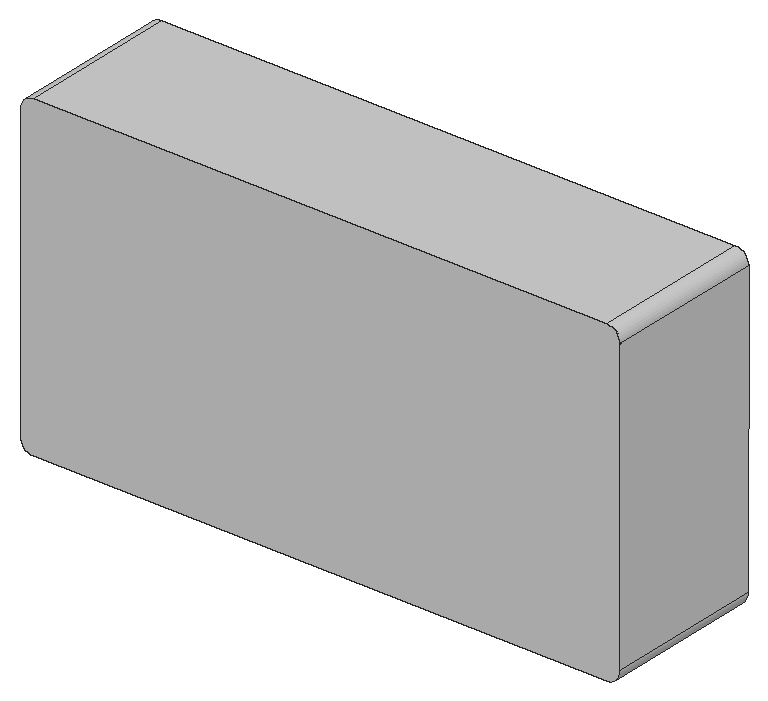
Revit family "Building-IEC309Boards-GEWISS-68QDIN-DISTRIBUTION-BOARD-20MOD_MODULE_ADDITIONAL", category Attrezzatura elettrica, host Muro, Revit 2016
Family settings
  Host = Muro
  Configurazione quadro = Due colonne, circuiti in orizzontale
  Tipo di parte = Pannello comandi
  Quota connettore circolare = Usa diametro
  Numero OmniClass = 23.80.30.11.17
  Titolo OmniClass = Distribution Boards and Control Panels
  Sempre verticale = Sì
  Taglio con vuoti quando caricato = No
  Condiviso = No
  Punto di calcolo locali = No
Parameters (values of type "GW68024N - SUPPLEMENTARY MODULE 20M IP65")
  potenza = 400 V
  Voltaggio = "400V"
  Vista di pianta [instance] = yes
  Vetro = GEWISS - vetro
  Version type = "Empty"
  Version file RFA = "18.0"
  URL = "https://www.gewiss.com/ww/en"
  Thermo-pressure with ball = "70 °C"
  Technical sheet = "https://www.gewiss.com/ww/en/search?q=GW68024N"
  Struttura = GEWISS - Grigio RAL - 7035
  Simbolo Acceso [instance] = yes
  Shock resistance = "IK08"
  SEO = "Module"
  Realized by GEWISS S.p.A. = ""
  Produttore = "GEWISS S.p.A."
  Presa = GEWISS - Grigio RAL - 7035
  Operating temperature: = "-25 +40 °C"
  Offset etichetta nome quadro [instance] = 125 mm
  Numero di poli = 3
  Panel Name [instance] = "NOME"
  No. of modules EN 50022 = "20"
  Modello = "GW68024N"
  Lunghezza = 450 mm
  Insulation class = "II"
  Installation type = "Surface-mounting"
  Immagine tipo = GW68024N.jpg
  IP degree = "IP65"
  IFC.TypeObject = ""
  IFC.ExportType = ""
  IFC.ExportAs = ""
  IDT = "e9f72a9a-78e1-4838-acdb-21e1d1c6d628"
  IDF = "ee5d450d-2a86-4efa-9b8a-517456b82538"
  H_da terra = 1200 mm
  Electrocod = "2242"
  ETICHETTA NOME QUADRO [instance] = yes
  EAN code = "8011564746329"
  Distanza orizzontale del simbolo [instance] = 0 mm
  Distanza dal muro [instance] = 0 mm
  Dispersible power B (W) = "92"
  Dispersible power A (W) = "30"
  Dispersible power (W) = "52"
  Descrizione = "SUPPLEMENTARY MODULE 20M IP65"
  Colour = "Grey RAL 7035"
  Classificazione carico = Altro
  Catalogue Range = "68 QDIN"
  Catalogue = "BUILDING"
  Carico apparente = 0 VA
  Cornice simbolo [instance] = no
  COBie.Tagnumber = ""
  COBie.CreatedOn = ""
  COBie.CreatebBy = ""
  COBie.ComponentRegisterItemID = ""
  COBie.Component.TagNumber = ""
  COBie.Component.Space = ""
  COBie.Component.SerialNumber = ""
  COBie.Component.InstallationDate = ""
  COBie.Component.Description = ""
  COBie.Component.BarCode = ""
  Altezza = 240 mm
Reference planes
  plane 1 "Muro": y = 0
  plane 2 "Centro (Sinistra/Destra)": x = 125
  plane 3 "Indietro": y = 75
  plane 4: z = 1200
  plane 5: x = 125
  plane 6: y = 200
Lines and regions (mm)
  Masking region 1, visible <- "Vista di pianta"
    outline origin (0, 0, 0) x (1, 0, 0) y (0, 1, 0)
      loop
        line (-100, 175) -> (-100, 75) -> (350, 75) -> (350, 175) -> (-100, 175)
  Masking region 2
    outline origin (125, 0, 0) x (0, 1, 0) y (0, 0, 1)
      loop
        line (195, 1033) -> (195, 1200) -> (75, 1200) -> (75, 1033) -> (195, 1033)
  Masking region 3
    outline origin (125, 0, 0) x (0, 1, 0) y (0, 0, 1)
      loop
        line (75, 1033) -> (75, 640) -> (155.196, 640) -> (155.196, 1033) -> (75, 1033)
Text (mm)
  text "Lato posizionamento" at (-1848.837, 1116.779, 0), in view "Livello rif."
  text "Lato posizionamento" at (0, 1409.804, 2854.306), in view "Sinistra"
  text "Lato posizionamento" at (0, 499.811, 2980.732), in view "Destra"
Dimensions and locks
  locked: plane 3 "Indietro" to host wall
  "H_da terra": level to plane 4
  "Offset etichetta nome quadro": host wall to plane 6
  "Distanza orizzontale del simbolo": plane 5 to plane 2 "Centro (Sinistra/Destra)"
  aligned and locked: plane 1 "Muro" to host wall
  aligned and locked: plane 4 to nested 1  (x3)
  aligned and locked: nested 1 to plane 3 "Indietro"
  aligned and locked: nested 2 to plane 6
  aligned and locked: plane 5 to nested 3
  aligned and locked: Masking region 1 to nested 1  (x2)
  aligned and locked: Masking region 2 sketch curve to nested 1  (x3)
  aligned and locked: nested 1 to Masking region 2 sketch curve
  aligned and locked: Masking region 3 sketch curve to nested 1
  aligned and locked: nested 1 to Masking region 3 sketch curve
  aligned and locked: plane 2 "Centro (Sinistra/Destra)" to nested 4
  aligned and locked: nested 1 to plane 2 "Centro (Sinistra/Destra)"
  aligned and locked: nested 4 to plane 4
Automatic sketch dimensions
  Masking region 1 sketch curve to host wall = 0 mm
  Masking region 1 sketch curve to plane 2 "Centro (Sinistra/Destra)" = 225 mm
  plane 2 "Centro (Sinistra/Destra)" to Masking region 1 sketch curve = 225 mm
  host wall to Masking region 1 sketch curve = 100 mm
  Masking region 3 sketch curve to host wall = 0 mm
  Masking region 3 sketch curve to Masking region 3 sketch curve = 393 mm
Nested families
  nested 1: "QDIN10 QUADRO VUOTO" at (125, 75, 373.117) x (-1, 0, 0) z (0, 0, 1), type "QDIN10 QUADRO VUOTO"
  nested 2: "NOME QUADRO" at (125, 200, 0), TXT <- "Panel Name", visible <- "ETICHETTA NOME QUADRO", type "NOME QUADRO"
    with TXT "NOME"
  nested 3: "CENTRALINO" at (125, 116.894, 0), BORDO ACCESO <- "Cornice simbolo", SIMBOLO ACCESO <- "Simbolo Acceso", Distanza dal muro <- "Distanza dal muro", type "CENTRALINO"
    with SIMBOLO ACCESO yes, Distanza dal muro 0 mm, BORDO ACCESO no
  nested 4: "2D - QDIN20 QUADRO DISTRIB VUOTO" at (125, 0, 960.133) x (1, 0, 0) z (0, -1, 0), type "BIDIMENSIONALE"
Definition of nested family "QDIN10 QUADRO VUOTO"
  Parameters (values of type "QDIN10 QUADRO VUOTO")
    Vetro = none
    Struttura = none
    Spessore = 120 mm
    Default Elevation = 14 mm
    Presa = none
    Lunghezza = 450 mm
    IFC.TypeObject = ""
    IFC.ExportType = ""
    IFC.ExportAs = ""
    H_da terra = 586.883 mm
    COBie.CreatedOn = ""
    COBie.CreatebBy = ""
    COBie.ComponentRegisterItemID = ""
    COBie.Component.TagNumber = ""
    COBie.Component.Space = ""
    COBie.Component.SerialNumber = ""
    COBie.Component.InstallationDate = ""
    COBie.Component.Description = ""
    COBie.Component.BarCode = ""
    Altezza = 240 mm
  Reference planes
    plane 1 "Centro (Fronte/Retro)": y = 0
    plane 2: z = 0
    plane 3 "Centro (Sinistra/Destra)": x = 0
    plane 4 "s": y = -100
    plane 5: z = 586.883
    plane 6: z = 826.883
    plane 7: x = -225
    plane 8: x = 225
    plane 9: z = 659.883
    plane 10: y = -80.196
    plane 11: x = -222.597
    plane 12: x = 222.589
    plane 13: z = 669.383
    plane 14: z = 788.347
    plane 15: y = -46.089
    plane 16: y = -87.126
  Forms (mm)
    Extrusion 1, solid, material <- "Struttura"
      sketch origin (0, 0, 0) x (1, 0, 0) y (0, 0, 1)
        loop
          arc (-215, 826.883) -> (-222.071, 823.954) -> (-225, 816.883) r 10
          line (-225, 816.883) -> (-225, 597.251)
          arc (-225, 597.251) -> (-222.071, 590.18) -> (-215, 587.251) r 10
          line (-215, 587.251) -> (215, 587.251)
          arc (215, 587.251) -> (222.071, 590.18) -> (225, 597.251) r 10
          line (225, 597.251) -> (225, 816.883)
          arc (225, 816.883) -> (222.071, 823.954) -> (215, 826.883) r 10
          line (215, 826.883) -> (-215, 826.883)
      from 0 to 120
    Extrusion 2, void
      sketch origin (0, 0, 0) x (1, 0, 0) y (0, 0, 1)
        loop
          line (-222.597, 788.347) -> (-222.597, 669.383) -> (222.589, 669.383) -> (222.589, 788.347) -> (-222.597, 788.347)
      from 46.089 to 120
    Extrusion 3, solid, material <- "Vetro", detail levels fine
      sketch origin (0, 0, 0) x (1, 0, 0) y (0, 0, 1)
        loop
          line (-222.597, 788.347) -> (-222.597, 669.383) -> (222.589, 669.383) -> (222.589, 788.347) -> (-222.597, 788.347)
      from 87.126 to 120.5
  Cuts and joins
    Extrusion 2 cuts Extrusion 1
  Dimensions and locks
    plane 4 "s" to plane 1 "Centro (Fronte/Retro)" = 100 mm  (x2)
    "H_da terra": plane 5 to level
    equal spacing: plane 7, plane 3 "Centro (Sinistra/Destra)", plane 8
    "Lunghezza": plane 7 to plane 8
    locked: plane 4 "s" to plane 10 at 19.804
    locked: plane 6 to plane 14 at 38.537
    locked: plane 13 to plane 9 at 9.5
    locked: plane 7 to plane 11 at 2.403
    locked: plane 12 to plane 8 at 2.411
    locked: plane 4 "s" to plane 15 at 53.911
    locked: plane 4 "s" to plane 16 at 12.874
    "Altezza": plane 6 to plane 5
    locked: plane 14 to plane 13 at 118.963
    aligned and locked: level to plane 2
    aligned and locked: Extrusion 1 sketch curve to plane 6
    aligned and locked: Extrusion 1 sketch curve to plane 8
    aligned and locked: Extrusion 1 sketch curve to plane 7
    aligned and locked: Extrusion 2 sketch curve to plane 14
    aligned and locked: Extrusion 2 sketch curve to plane 12
    aligned and locked: Extrusion 2 sketch curve to plane 11
    aligned and locked: Extrusion 2 sketch curve to plane 13
    aligned and locked: plane 15 to cut or joined group of Extrusion 1, Extrusion 2
    aligned and locked: Extrusion 3 sketch curve to plane 14
    aligned and locked: Extrusion 3 sketch curve to plane 12
    aligned and locked: Extrusion 3 sketch curve to plane 13
    aligned and locked: Extrusion 3 sketch curve to plane 11
    aligned and locked: Extrusion 3 to plane 16
  Automatic sketch dimensions
    Extrusion 1 sketch curve to Extrusion 1 sketch curve = 10 mm  (x2)
    Extrusion 1 sketch curve to plane 7 = 10 mm
    plane 8 to Extrusion 1 sketch curve = 10 mm
    plane 13 to Extrusion 1 sketch curve = 72.132 mm
Definition of nested family "NOME QUADRO"
  Parameters (values of type "NOME QUADRO")
    TXT [instance] = ""
  Reference planes
    plane 1: y = 0
    plane 2: x = 0
  Text (mm)
    label "NOME QUADRO" at (0.217, 0.029, 0), shows "TXT"
Definition of nested family "CENTRALINO"
  Parameters (values of type "CENTRALINO")
    SIMBOLO ACCESO [instance] = yes
    Distanza dal muro [instance] = 0 mm
    BORDO ACCESO [instance] = yes
  Reference planes
    plane 1: y = 0
    plane 2: x = 0
  Dimensions and locks
    "Distanza dal muro": plane 1 to nested 1
    aligned and locked: plane 2 to nested 1
  Nested families
    nested 1: "CENTRALINO_BASE" at (0, 0, 0), BORDO ACCESO <- "BORDO ACCESO", visible <- "SIMBOLO ACCESO", type "CENTRALINO"
      with BORDO ACCESO yes
  Definition of nested family "CENTRALINO_BASE"
    Parameters (values of type "CENTRALINO")
      Distanza dal muro = 0 mm
      BORDO ACCESO [instance] = yes
    Reference planes
      plane 1: y = 0
      plane 2: x = 0
    Lines and regions (mm)
      detail lines, visible <- "BORDO ACCESO", not visible
        curve 1: line (-2.443, 10.208, 0) -> (2.057, 10.208, 0)
        curve 2: line (2.057, 10.208, 0) -> (2.057, 4.208, 0)
        curve 3: line (2.057, 4.208, 0) -> (-2.443, 4.208, 0)
        curve 4: line (-2.443, 4.208, 0) -> (-2.443, 10.208, 0)
        curve 5: line (-2.043, 9.808, 0) -> (1.657, 9.808, 0)
        curve 6: line (1.657, 9.808, 0) -> (1.657, 4.608, 0)
        curve 7: line (1.657, 4.608, 0) -> (-2.043, 4.608, 0)
        curve 8: line (-2.043, 4.608, 0) -> (-2.043, 9.808, 0)
      detail lines
        curve 9: line (0, 0.905, 0) -> (0, 0.235, 0)
        curve 10: line (0.659, 0.905, 0) -> (0.659, 1.564, 0)
        curve 11: line (0.659, 1.564, 0) -> (-0.659, 1.564, 0)
        curve 12: line (-0.659, 1.564, 0) -> (-0.659, 0.905, 0)
        curve 13: line (-0.659, 0.905, 0) -> (0.659, 0.905, 0)
        curve 14: line (0.497, 1.564, 0) -> (0.497, 2.235, 0)
        curve 15: line (0.167, 1.564, 0) -> (0.167, 2.235, 0)
        curve 16: line (-0.162, 1.564, 0) -> (-0.162, 2.235, 0)
        curve 17: line (-0.491, 1.564, 0) -> (-0.491, 2.235, 0)
Definition of nested family "2D - QDIN20 QUADRO DISTRIB VUOTO"
  Reference planes
    plane 1 "Centro (Fronte/Retro)": y = 0
    plane 2: z = 0
    plane 3 "Centro (Sinistra/Destra)": x = 0
  Lines and regions (mm)
    model lines, in view "Livello rif."
      curve 1: line (197.291, 31.69, 0) -> (197.291, 174.065, 0)
      curve 2: line (197.291, 174.065, 0) -> (-197.291, 174.065, 0)
      curve 3: line (-197.291, 174.065, 0) -> (-197.291, 31.69, 0)
      curve 4: line (-197.291, 31.69, 0) -> (197.291, 31.69, 0)
      curve 5: line (-225, 224.867, 0) -> (-225, 14.991, 0)
      curve 6: line (-225, 14.991, 0) -> (-224.451, 10.972, 0)
      curve 7: line (-224.451, 10.972, 0) -> (-223.144, 7.765, 0)
      curve 8: line (-223.144, 7.765, 0) -> (-220.607, 4.385, 0)
      curve 9: line (-220.607, 4.385, 0) -> (-217.763, 2.156, 0)
      curve 10: line (-217.763, 2.156, 0) -> (-214.387, 0.647, 0)
      curve 11: line (-214.387, 0.647, 0) -> (-210, -0.009, 0)
      curve 12: line (-210, -0.009, 0) -> (210, -0.009, 0)
      curve 13: line (210, -0.009, 0) -> (214.387, 0.647, 0)
      curve 14: line (214.387, 0.647, 0) -> (217.763, 2.156, 0)
      curve 15: line (217.763, 2.156, 0) -> (220.607, 4.385, 0)
      curve 16: line (220.607, 4.385, 0) -> (223.144, 7.765, 0)
      curve 17: line (223.144, 7.765, 0) -> (224.451, 10.972, 0)
      curve 18: line (224.451, 10.972, 0) -> (225, 14.991, 0)
      curve 19: line (225, 14.991, 0) -> (225, 224.867, 0)
      curve 20: line (225, 224.867, 0) -> (224.451, 228.887, 0)
      curve 21: line (224.451, 228.887, 0) -> (223.144, 232.094, 0)
      curve 22: line (223.144, 232.094, 0) -> (220.607, 235.474, 0)
      curve 23: line (220.607, 235.474, 0) -> (217.763, 237.702, 0)
      curve 24: line (217.763, 237.702, 0) -> (214.387, 239.211, 0)
      curve 25: line (214.387, 239.211, 0) -> (210, 239.867, 0)
      curve 26: line (210, 239.867, 0) -> (-210, 239.867, 0)
      curve 27: line (-210, 239.867, 0) -> (-214.387, 239.211, 0)
      curve 28: line (-214.387, 239.211, 0) -> (-217.763, 237.702, 0)
      curve 29: line (-217.763, 237.702, 0) -> (-220.607, 235.474, 0)
      curve 30: line (-220.607, 235.474, 0) -> (-223.144, 232.094, 0)
      curve 31: line (-223.144, 232.094, 0) -> (-224.451, 228.887, 0)
      curve 32: line (-224.451, 228.887, 0) -> (-225, 224.867, 0)
      curve 33: line (-179.998, 147.367, 0) -> (180.002, 147.367, 0)
      curve 34: line (180.002, 147.367, 0) -> (180.002, 87.367, 0)
      curve 35: line (180.002, 87.367, 0) -> (-179.998, 87.367, 0)
      curve 36: line (-179.998, 87.367, 0) -> (-179.998, 147.367, 0)
      curve 37: line (-35.454, 50.622, 0) -> (-35, 52.062, 0)
      curve 38: line (-35, 52.062, 0) -> (-35, 54.21, 0)
      curve 39: line (-35, 54.21, 0) -> (-35, 56.467, 0)
      curve 40: line (-35, 56.467, 0) -> (-36.201, 58.24, 0)
      curve 41: line (-36.201, 58.24, 0) -> (-38.012, 61.41, 0)
      curve 42: line (-38.012, 61.41, 0) -> (-40.77, 62.8, 0)
      curve 43: line (-40.77, 62.8, 0) -> (-43.662, 63.687, 0)
      curve 44: line (-43.662, 63.687, 0) -> (-46.027, 64.038, 0)
      curve 45: line (-46.027, 64.038, 0) -> (-47.5, 64.098, 0)
      curve 46: line (-47.5, 64.098, 0) -> (-132.5, 64.098, 0)
      curve 47: line (-132.5, 64.098, 0) -> (-133.973, 64.038, 0)
      curve 48: line (-133.973, 64.038, 0) -> (-136.338, 63.687, 0)
      curve 49: line (-136.338, 63.687, 0) -> (-139.23, 62.8, 0)
      curve 50: line (-139.23, 62.8, 0) -> (-141.988, 61.41, 0)
      curve 51: line (-141.988, 61.41, 0) -> (-143.799, 58.24, 0)
      curve 52: line (-143.799, 58.24, 0) -> (-145, 56.467, 0)
      curve 53: line (-145, 56.467, 0) -> (-145, 54.21, 0)
      curve 54: line (-145, 54.21, 0) -> (-145, 52.062, 0)
      curve 55: line (-145, 52.062, 0) -> (-144.546, 50.622, 0)
      curve 56: line (-47.5, 43.84, 0) -> (-80.224, 43.84, 0)
      curve 57: line (-35.454, 50.622, 0) -> (-33.913, 50.622, 0)
      curve 58: line (-33.913, 50.622, 0) -> (-33.63, 50.454, 0)
      curve 59: line (-33.63, 50.454, 0) -> (-35.818, 47.931, 0)
      curve 60: line (-35.818, 47.931, 0) -> (-39.198, 45.732, 0)
      curve 61: line (-39.198, 45.732, 0) -> (-42.199, 44.531, 0)
      curve 62: line (-42.199, 44.531, 0) -> (-44.774, 44.005, 0)
      curve 63: line (-44.774, 44.005, 0) -> (-47.5, 43.84, 0)
      curve 64: line (-144.182, 47.931, 0) -> (-140.802, 45.732, 0)
      curve 65: line (-140.802, 45.732, 0) -> (-137.801, 44.531, 0)
      curve 66: line (-137.801, 44.531, 0) -> (-135.226, 44.005, 0)
      curve 67: line (-135.226, 44.005, 0) -> (-132.5, 43.84, 0)
      curve 68: line (-132.5, 43.84, 0) -> (-99.776, 43.84, 0)
      curve 69: line (-144.546, 50.622, 0) -> (-146.087, 50.622, 0)
      curve 70: line (-146.087, 50.622, 0) -> (-146.37, 50.454, 0)
      curve 71: line (-146.37, 50.454, 0) -> (-144.182, 47.931, 0)
      curve 72: line (-89.99, 33.532, 0) -> (-94.782, 34.816, 0)
      curve 73: line (-94.782, 34.816, 0) -> (-98.289, 38.323, 0)
      curve 74: line (-98.289, 38.323, 0) -> (-99.573, 43.115, 0)
      curve 75: line (-99.573, 43.115, 0) -> (-98.289, 47.907, 0)
      curve 76: line (-98.289, 47.907, 0) -> (-94.782, 51.414, 0)
      curve 77: line (-94.782, 51.414, 0) -> (-89.99, 52.698, 0)
      curve 78: line (-89.99, 52.698, 0) -> (-85.198, 51.414, 0)
      curve 79: line (-85.198, 51.414, 0) -> (-81.691, 47.907, 0)
      curve 80: line (-81.691, 47.907, 0) -> (-80.407, 43.115, 0)
      curve 81: line (-80.407, 43.115, 0) -> (-81.691, 38.323, 0)
      curve 82: line (-81.691, 38.323, 0) -> (-85.198, 34.816, 0)
      curve 83: line (-85.198, 34.816, 0) -> (-89.99, 33.532, 0)
      curve 84: line (144.549, 50.622, 0) -> (145.003, 52.062, 0)
      curve 85: line (145.003, 52.062, 0) -> (145.003, 54.21, 0)
      curve 86: line (145.003, 54.21, 0) -> (145.003, 56.467, 0)
      curve 87: line (145.003, 56.467, 0) -> (143.803, 58.24, 0)
      curve 88: line (143.803, 58.24, 0) -> (141.991, 61.41, 0)
      curve 89: line (141.991, 61.41, 0) -> (139.234, 62.8, 0)
      curve 90: line (139.234, 62.8, 0) -> (136.342, 63.687, 0)
      curve 91: line (136.342, 63.687, 0) -> (133.976, 64.038, 0)
      curve 92: line (133.976, 64.038, 0) -> (132.503, 64.098, 0)
      curve 93: line (132.503, 64.098, 0) -> (47.503, 64.098, 0)
      curve 94: line (47.503, 64.098, 0) -> (46.031, 64.038, 0)
      curve 95: line (46.031, 64.038, 0) -> (43.665, 63.687, 0)
      curve 96: line (43.665, 63.687, 0) -> (40.773, 62.8, 0)
      curve 97: line (40.773, 62.8, 0) -> (38.016, 61.41, 0)
      curve 98: line (38.016, 61.41, 0) -> (36.204, 58.24, 0)
      curve 99: line (36.204, 58.24, 0) -> (35.003, 56.467, 0)
      curve 100: line (35.003, 56.467, 0) -> (35.003, 54.21, 0)
      curve 101: line (35.003, 54.21, 0) -> (35.003, 52.062, 0)
      curve 102: line (35.003, 52.062, 0) -> (35.458, 50.622, 0)
      curve 103: line (132.503, 43.84, 0) -> (99.78, 43.84, 0)
      curve 104: line (144.549, 50.622, 0) -> (146.091, 50.622, 0)
      curve 105: line (146.091, 50.622, 0) -> (146.374, 50.454, 0)
      curve 106: line (146.374, 50.454, 0) -> (144.186, 47.931, 0)
      curve 107: line (144.186, 47.931, 0) -> (140.806, 45.732, 0)
      curve 108: line (140.806, 45.732, 0) -> (137.804, 44.531, 0)
      curve 109: line (137.804, 44.531, 0) -> (135.229, 44.005, 0)
      curve 110: line (135.229, 44.005, 0) -> (132.503, 43.84, 0)
      curve 111: line (35.821, 47.931, 0) -> (39.201, 45.732, 0)
      curve 112: line (39.201, 45.732, 0) -> (42.203, 44.531, 0)
      curve 113: line (42.203, 44.531, 0) -> (44.778, 44.005, 0)
      curve 114: line (44.778, 44.005, 0) -> (47.503, 43.84, 0)
      curve 115: line (47.503, 43.84, 0) -> (80.227, 43.84, 0)
      curve 116: line (35.458, 50.622, 0) -> (33.916, 50.622, 0)
      curve 117: line (33.916, 50.622, 0) -> (33.633, 50.454, 0)
      curve 118: line (33.633, 50.454, 0) -> (35.821, 47.931, 0)
      curve 119: line (90.014, 33.532, 0) -> (85.222, 34.816, 0)
      curve 120: line (85.222, 34.816, 0) -> (81.714, 38.323, 0)
      curve 121: line (81.714, 38.323, 0) -> (80.43, 43.115, 0)
      curve 122: line (80.43, 43.115, 0) -> (81.714, 47.907, 0)
      curve 123: line (81.714, 47.907, 0) -> (85.222, 51.414, 0)
      curve 124: line (85.222, 51.414, 0) -> (90.014, 52.698, 0)
      curve 125: line (90.014, 52.698, 0) -> (94.805, 51.414, 0)
      curve 126: line (94.805, 51.414, 0) -> (98.313, 47.907, 0)
      curve 127: line (98.313, 47.907, 0) -> (99.597, 43.115, 0)
      curve 128: line (99.597, 43.115, 0) -> (98.313, 38.323, 0)
      curve 129: line (98.313, 38.323, 0) -> (94.805, 34.816, 0)
      curve 130: line (94.805, 34.816, 0) -> (90.014, 33.532, 0)
    detail lines, in view "Livello rif."
      curve 131: line (-197.291, 54.21, 0) -> (197.291, 54.21, 0)
